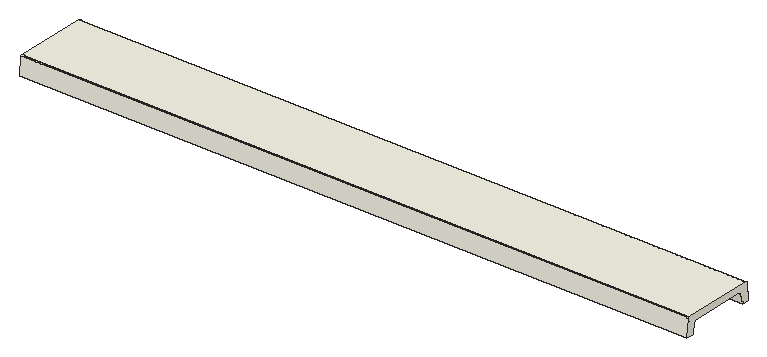
Revit family "Albardilla MAP. C-1", category Modelos genéricos, Revit 2020
Family settings
  Puede alojar armadura = No
  Cota de conector redondo = Diámetro de uso
  Tipo de pieza = Normal
  Se basa en plano de trabajo = No
  Siempre vertical = No
  Corte con vacíos al cargar = No
  Compartido = No
  Punto de cálculo de habitación = No
Parameters (values of type "MAP12")
  Visibilidad una fila = if(Ancho < 290 mm, 2 = 2, 2 = 3)  # yes
  Visibilidad dos filas = if(Ancho < 290 mm, 2 = 3, 2 = 2)  # no
  Descripción = "Pieza de hormigón polímero con anclaje de acero inoxidable."
  URL = "https://www.ulmaarchitectural.com/es-es"
  Nº filas anclajes [instance] = if(Longitud > 1500 mm, 3, if(Longitud < 730 mm, 2, Longitud / Dist. entre anclajes))  # 3
  Modelo = "Albardilla MAP12"
  Material = Hormigón polímero STONEO. Color C-1
  Longitud real [instance] = if(Longitud > 1500 mm, 1500 mm, if(Longitud < 500 mm, 500 mm, Longitud))  # 1500 mm
  Longitud [instance] = 1500 mm
  Fabricante = "ULMA Architectural Solutions"
  Elevación por defecto = 0 mm
  Dist. entre anclajes [instance] = if(Longitud < 700 mm, 280 mm, 470 mm)  # 470 mm
  Dist primer anclaje [instance] = if(Longitud < 600 mm, 125 mm, 150 mm)  # 150 mm
  Código de montaje = "MAP12"
  Ancho total = Ancho + 50 mm  # 170 mm
  Ancho doble = Ancho / 4  # 30 mm
  Ancho = 120 mm
Types (9, lengths in mm): name | Visibilidad una fila | Visibilidad dos filas | Modelo | Código de montaje | Ancho total | Ancho doble | Ancho
  (no name) | yes | no | "Albardilla MAP12" | "MAP12" | 170 | 30 | 120
  MAP12 | yes | no | "Albardilla MAP12" | "MAP12" | 170 | 30 | 120
  MAP14 | yes | no | "Albardilla MAP14" | "MAP14" | 190 | 35 | 140
  MAP17 | yes | no | "Albardilla MAP17" | "MAP17" | 220 | 42.5 | 170
  MAP22 | yes | no | "Albardilla MAP22" | "MAP22" | 270 | 55 | 220
  MAP25 | yes | no | "Albardilla MAP25" | "MAP25" | 300 | 62.5 | 250
  MAP30 | no | yes | "Albardilla MAP30" | "MAP30" | 350 | 75 | 300
  MAP19 | yes | no | "Albardilla MAP19" | "MAP19" | 240 | 47.5 | 190
  MAP27 | yes | no | "Albardilla MAP27" | "MAP27" | 320 | 67.5 | 270
Reference planes
  plane 1 "Centro (Frontal/Posterior)": y = 0
  plane 2: z = 0
  plane 3 "Centro (Izquierda/Derecha)": x = 0
  plane 4: y = 30
  plane 5: y = -30
Forms (mm)
  Extrusion 1, solid, material "Hormigón polímero STONEO. Color C-1" <- "Material"
    sketch origin (0, 0, 0) x (0, 1, 0) y (0, 0, 1)
      loop
        arc (-79.649, 40.308) -> (-80.934, 39.84) -> (-81.618, 38.655) r 2
        line (-81.618, 38.655) -> (-85, 0) -> (-69.769, 0) -> (-66.035, 21.176)
        arc (-66.035, 21.176) -> (-64.325, 24.138) -> (-61.111, 25.308) r 5
        line (-61.111, 25.308) -> (61.111, 25.308)
        arc (61.111, 25.308) -> (64.325, 24.138) -> (66.035, 21.176) r 5
        line (66.035, 21.176) -> (69.769, 0) -> (85, 0) -> (81.633, 38.482)
        arc (81.633, 38.482) -> (80.992, 39.782) -> (79.641, 40.308) r 2
        line (79.641, 40.308) -> (-79.649, 40.308)
    from 0 to 1500
Dimensions and locks
  "Longitud real": Extrusion 1 to Extrusion 1
  Extrusion 1 sketch curve to level = 40.308 mm
  Extrusion 1 sketch curve to Extrusion 1 sketch curve = 15.231 mm  (x2)
  "Dist primer anclaje": plane 3 "Centro (Izquierda/Derecha)" to nested 1
  equal spacing: group 1, group 2, group 3  (x3)
  "Dist. entre anclajes": nested 1 to nested 2
  equal spacing: Extrusion 1 sketch curve, plane 1 "Centro (Frontal/Posterior)", Extrusion 1 sketch curve
  "Ancho total": Extrusion 1 sketch curve to Extrusion 1 sketch curve
  "Ancho doble": plane 4 to plane 1 "Centro (Frontal/Posterior)" to plane 5
  "Dist primer anclaje": Extrusion 1 to nested 4
  equal spacing: group 4, group 5, group 6  (x3)
  "Dist. entre anclajes": nested 4 to nested 5
  "Dist primer anclaje": Extrusion 1 to nested 7
  equal spacing: group 7, group 8, group 9  (x2)
  equal spacing: group 9, group 8, group 7
  "Dist. entre anclajes": nested 7 to nested 8
  radius of Extrusion 1 sketch curve = 5 mm  (x2)
  radius of Extrusion 1 sketch curve = 2 mm  (x2)
  angle Extrusion 1 sketch curve to Extrusion 1 sketch curve = 100.00°  (x2)
  angle Extrusion 1 sketch curve to level = 95.00°
  angle level to Extrusion 1 sketch curve = 95.00°
  aligned and locked: level to plane 2
  aligned and locked: level to Extrusion 1 sketch curve
  aligned and locked: nested 1 to plane 1 "Centro (Frontal/Posterior)"
  aligned and locked: Extrusion 1 sketch curve to level
  aligned and locked: plane 4 to nested 4
  aligned and locked: plane 5 to nested 7
Automatic sketch dimensions
  level to Extrusion 1 sketch curve = 38.655 mm
  level to Extrusion 1 sketch curve = 21.176 mm
  Extrusion 1 sketch curve to Extrusion 1 sketch curve = 4.924 mm
  Extrusion 1 sketch curve to Extrusion 1 sketch curve = 13.606 mm
  Extrusion 1 sketch curve to Extrusion 1 sketch curve = 0.174 mm
Nested families
  nested 1: "Anclaje inoxidable tapas (150x100)" at (150, 0, 25.308) x (0, 1, 0) z (0, 0, 1), visible <- "Visibilidad una fila", type "Anclaje inoxidable tapas (150x100)"
  nested 2: "Anclaje inoxidable tapas (150x100)" at (620, 0, 25.308) x (0, 1, 0) z (0, 0, 1), visible <- "Visibilidad una fila", type "Anclaje inoxidable tapas (150x100)"
  nested 3: "Anclaje inoxidable tapas (150x100)" at (1090, 0, 25.308) x (0, 1, 0) z (0, 0, 1), visible <- "Visibilidad una fila", type "Anclaje inoxidable tapas (150x100)"
  nested 4: "Anclaje inoxidable tapas (150x100)" at (150, 30, 25.308) x (0, 1, 0) z (0, 0, 1), visible <- "Visibilidad dos filas", type "Anclaje inoxidable tapas (150x100)"
  nested 5: "Anclaje inoxidable tapas (150x100)" at (620, 52.5, 25.308) x (0, 1, 0) z (0, 0, 1), visible <- "Visibilidad dos filas", type "Anclaje inoxidable tapas (150x100)"
  nested 6: "Anclaje inoxidable tapas (150x100)" at (1090, 75, 25.308) x (0, 1, 0) z (0, 0, 1), visible <- "Visibilidad dos filas", type "Anclaje inoxidable tapas (150x100)"
  nested 7: "Anclaje inoxidable tapas (150x100)" at (150, -30, 25.308) x (0, 1, 0) z (0, 0, 1), visible <- "Visibilidad dos filas", type "Anclaje inoxidable tapas (150x100)"
  nested 8: "Anclaje inoxidable tapas (150x100)" at (620, -52.5, 25.308) x (0, 1, 0) z (0, 0, 1), visible <- "Visibilidad dos filas", type "Anclaje inoxidable tapas (150x100)"
  nested 9: "Anclaje inoxidable tapas (150x100)" at (1090, -75, 25.308) x (0, 1, 0) z (0, 0, 1), visible <- "Visibilidad dos filas", type "Anclaje inoxidable tapas (150x100)"
Definition of nested family "Anclaje inoxidable tapas (150x100)"
  Parameters (values of type "Anclaje inoxidable tapas (150x100)")
    URL = "https://www.ulmaarchitectural.com/es-es"
    Model = "Sujeción anclaje inoxidable tapas (150x100) SPE"
    Material = none
    Manufacturer = "ULMA"
    Default Elevation = 0 mm
    Assembly Code = "901250015"
  Reference planes
    plane 1 "Centro (Frontal/Posterior)": y = 0
    plane 2: z = 0
    plane 3 "Centro (Izquierda/Derecha)": x = 0
  Dimensions and locks
    aligned and locked: level to plane 2
    aligned and locked: level to import instance
